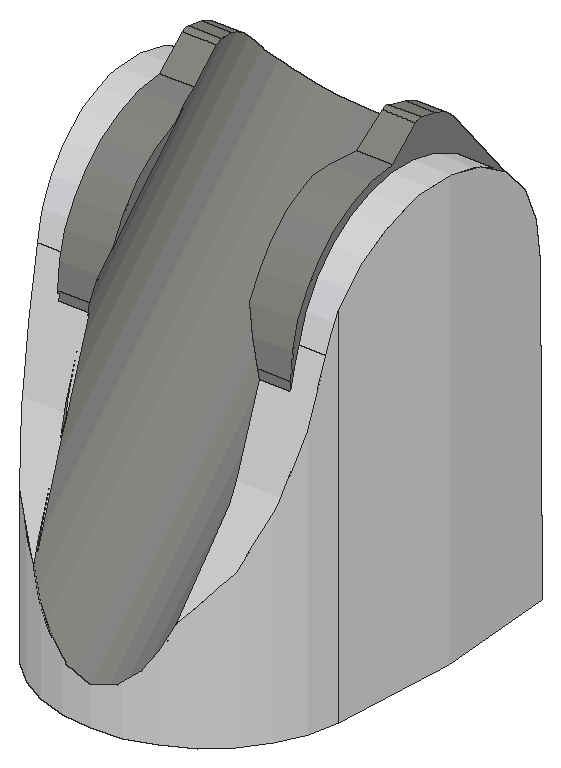
Revit family "Accessory-Handshower_Holder-KOHLER-K-9040BR_1", category Specialty Equipment, host Face, Revit 2017
Family settings
  Host = Face
  Round Connector Dimension = Use Diameter
  Part Type = Normal
  OmniClass Number = 23.31.25.00
  OmniClass Title = Toilet and Bath Specialties
  Cut with Voids When Loaded = No
  Shared = No
  Room Calculation Point = No
Parameters (values of type "CP-Polished Chrome")
  Width = 1 155/256"  # constant formula
  WaterSense Certified = 1 = 0  # no
  URL = "https://br.kohler.com/"
  Type = 1
  Product Page URL = "https://br.kohler.com/product-detail/9040br?skuid=K-9040BR-CP"
  Product Name = ""
  Product Documentation Link = ""
  Model = if(Type = 1, "K-9040BR-CP", if(Type = 2, "K-9040BR-RGD", "NA"))  # "K-9040BR-CP"
  Material = "Plastic"  # constant formula
  Master Format 2014 Name = "Toilet, Bath, and Laundry Accessories"  # constant formula
  Master Format 2014 = "10 28 00"  # constant formula
  Manufacturer Address = "Rio de Janeiro MULTIREPAROS RUA BATISTA DA COSTA, Nº 352 | STORE B Rio de Janeiro  SÃO GONÇALO 24450-470"  # constant formula
  Manufacturer = "KOHLER Co."  # constant formula
  Length = 2 3/64"  # constant formula
  Height = 2 55/128"  # constant formula
  Finish = Kohler-Plastic-CP-Polished_Chrome
  Environmental Product Declaration = ""
  Description = "Adjustable for manual shower"  # constant formula
  Default Elevation = 42"
  Declare Label = ""
  Date Modified = "09/06/2021"  # constant formula
  Date Created = "09/06/2021"  # constant formula
  Copyright = "Copyright KOHLER Co."  # constant formula
  Contact Us = "https://br.kohler.com/asr-listing"
  Assembly Code = "C1030200"
  ADA Compliant = 1 = 0  # no
Types (3): name | Type | Model | Finish
  (no name) | 1 | "K-9040BR-CP" | Kohler-Plastic-CP-Polished_Chrome
  CP-Polished Chrome | 1 | "K-9040BR-CP" | Kohler-Plastic-CP-Polished_Chrome
  RGD-Polished Rose Gold | 2 | "K-9040BR-RGD" | Kohler-Plastic-RGD-Rose_Gold
Reference planes (in)
  plane 1 "Center (Front/Back)": y = 0
  plane 2: z = 0
  plane 3 "Center (Left/Right)": x = 0
  plane 4: x = -0.80315
  plane 5: x = 0.80232
  plane 6: y = 1.02362
  plane 7: y = -1.02325
  plane 8: z = 2.42969
  plane 9: z = 2.28346
Dimensions and locks (in)
  level to plane 8 = 2 55/128"
  "Height": level to plane 8
  "Width": plane 4 to plane 5
  "Length": plane 6 to plane 7
  aligned and locked: plane 2 to host face
  aligned and locked: level to host face
  aligned and locked: plane 3 "Center (Left/Right)" to nested 1
Automatic sketch dimensions
  host sketch curve to host sketch curve = 96"  (x2)
Nested families (in)
  nested 1: "K-9040BR" at (0, 1.02362, 0), type "K-9040BR"
Definition of nested family "K-9040BR"
  Parameters (values of type "K-9040BR")
    Material = none
  Reference planes (in)
    plane 1 "Center (Front/Back)": y = 0
    plane 2: z = 0
    plane 3 "Center (Left/Right)": x = 0
    plane 4: y = -2.04724
    plane 5: z = 2.28346
    plane 6: x = -0.80315
    plane 7: x = 0.80315
    plane 8 "Cut 1": through (0, 0, 2.28346) normal (0, -0.7071, 0.7071)
    plane 9 "Cut": through (0, 0, 2.28346) normal (0, 0.7071, 0.7071)
    plane 10: y = -1.02362
    plane 11: z = 2.43117
  Forms (in)
    Extrusion 1, solid, material <- "Material", detail levels medium+fine
      sketch origin (0, 0, 0) x (0, 1, 0) y (0, 0, 1)
        loop
          line (-0.06198, 0) -> (-0.0758, 1.58349)
          arc (-0.0758, 1.58349) -> (-0.6899, 2.25983) -> (-1.43163, 1.72655) r 0.68612
          arc (-1.43163, 1.72655) -> (-1.66072, 1.04572) -> (-2.02746, 0.42806) r 3.40733
          arc (-2.02746, 0.42806) -> (-2.04217, 0.39988) -> (-2.04724, 0.3685) r 0.09954
          line (-2.04724, 0.3685) -> (-2.04724, 0) -> (-0.06198, 0)
      from -1.59589 to 1.60181
    Extrusion 2, void
      sketch origin (0, 1.14173, 1.14173) x (0, 0.707107, -0.707107) y (-1, 0, 0)
        loop
          line (-0.97114, -0.60236) -> (-2.52206, -0.60236) -> (-2.52206, -1.78346) -> (-0.55355, -1.78346) -> (-0.55355, 1.16929) -> (-2.81275, 1.16929) -> (-2.81275, 0.60236) -> (-0.9703, 0.60236)
          arc (-0.9703, 0.60236) -> (-0.954, 0.59561) -> (-0.94725, 0.57932) r 0.02305
          line (-0.94725, 0.57932) -> (-0.94725, -0.57848)
          arc (-0.94725, -0.57848) -> (-0.95425, -0.59537) -> (-0.97114, -0.60236) r 0.02388
      from -3.20829 to 9.84252
    Extrusion 3, solid, material <- "Material", detail levels medium+fine
      sketch origin (0, 0, 0) x (0, 1, 0) y (0, 0, 1)
        loop
          circle (-0.76492, 1.57818) r 0.71784
      from -0.61024 to 0.61024
    Extrusion 4, void
      sketch origin (0, 0, 0) x (1, 0, 0) y (0, 1, 0)
        loop
          arc (-0.75855, -0.01346) -> (-0.80316, -0.68762) -> (-0.75726, -1.3617) r 5.04341
          arc (-0.75726, -1.3617) -> (0, -2.02304) -> (0.75726, -1.3617) r 0.76421
          arc (0.75726, -1.3617) -> (0.80316, -0.68762) -> (0.75855, -0.01346) r 5.04341
          line (0.75855, -0.01346) -> (-0.75855, -0.01346)
        loop
          line (-2.869, 1.25047) -> (-2.869, -3.67079) -> (3.03651, -3.67079) -> (3.03651, 1.25047) -> (-2.869, 1.25047)
      from 0 to 9.84252
    Extrusion 5, solid, material <- "Material", detail levels medium+fine
      sketch origin (0, 0, 0) x (0, 1, 0) y (0, 0, 1)
        loop
          line (-0.00613, 1.83235) -> (-0.42948, 2.34241)
          arc (-0.42948, 2.34241) -> (-0.48229, 2.38791) -> (-0.54709, 2.41362) r 0.20996
          arc (-0.54709, 2.41362) -> (-0.59028, 2.42246) -> (-0.63362, 2.4305) r 2.4086
          arc (-0.63362, 2.4305) -> (-0.6528, 2.42968) -> (-0.66986, 2.42089) r 0.04462
          line (-0.66986, 2.42089) -> (-0.82314, 2.29366)
          arc (-0.82314, 2.29366) -> (-0.34333, 2.15918) -> (-0.06667, 1.74472) r 0.71784
          line (-0.06667, 1.74472) -> (-0.0099, 1.79184)
          arc (-0.0099, 1.79184) -> (0.00037, 1.81131) -> (-0.00613, 1.83235) r 0.02877
      from -0.60236 to 0.60236
    Extrusion 6, void
      sketch origin (0, 1.00254, 1.28093) x (0, 0.707107, -0.707107) y (-1, 0, 0)
        loop
          line (-3.55587, -0.35433) -> (-2.11657, -0.35433)
          arc (-2.11657, -0.35433) -> (-1.37693, 0) -> (-2.11657, 0.35433) r 0.45469
          line (-2.11657, 0.35433) -> (-3.55587, 0.35433) -> (-3.55587, -0.35433)
      from -3.44553 to 9.84252
    Extrusion 7, solid, material <- "Material", detail levels coarse
      sketch origin (0, 0, 0) x (1, 0, 0) y (0, 1, 0)
        loop
          line (-0.80315, 0) -> (-0.80315, -2.04724) -> (0.80315, -2.04724) -> (0.80315, 0) -> (-0.80315, 0)
      from 0 to 2.28346
  Cuts and joins
    Extrusion 4, Extrusion 6 cuts Extrusion 1
    Extrusion 2, Extrusion 6 cuts Extrusion 3
    Extrusion 6 cuts Extrusion 5
    joined: Extrusion 1, Extrusion 3, Extrusion 5
    Extrusion 6 cuts Extrusion 7
  Lines and regions (in)
    Masking region 1
      outline origin (0, 0, 0) x (0, 1, 0) y (0, 0, 1)
        loop
          arc (-1.48122, 1.53116) -> (-1.66649, 1.03322) -> (-1.92692, 0.57013) r 3.40733
          line (-1.92692, 0.57013) -> (-2.04724, 0.1998) -> (-2.04724, 0) -> (-0.06198, 0) -> (-0.07405, 1.38326)
          arc (-0.07405, 1.38326) -> (-0.04723, 1.56352) -> (-0.06667, 1.74472) r 0.71784
          line (-0.06667, 1.74472) -> (-0.0099, 1.79184)
          arc (-0.0099, 1.79184) -> (0.00037, 1.81131) -> (-0.00613, 1.83235) r 0.02877
          line (-0.00613, 1.83235) -> (-0.42948, 2.34241)
          arc (-0.42948, 2.34241) -> (-0.48229, 2.38791) -> (-0.54709, 2.41362) r 0.20996
          arc (-0.54709, 2.41362) -> (-0.59028, 2.42246) -> (-0.63362, 2.4305) r 2.4086
          arc (-0.63362, 2.4305) -> (-0.6528, 2.42968) -> (-0.66986, 2.42089) r 0.04462
          line (-0.66986, 2.42089) -> (-0.82314, 2.29366)
          arc (-0.82314, 2.29366) -> (-1.30836, 2.0472) -> (-1.48122, 1.53116) r 0.71784
    Masking region 2
      outline origin (0, 0, 0) x (1, 0, 0) y (0, 0, 1)
        loop
          line (-0.80315, 0) -> (0.80315, 0) -> (0.80315, 2.28346) -> (0.60236, 2.28346) -> (0.60236, 2.43117) -> (0.42727, 2.43117)
          spline (0.42727, 2.43117) -> (0.42666, 2.41971) -> (0.42604, 2.40825) -> (0.42542, 2.39679) -> (0.42479, 2.38533) -> (0.42415, 2.37387) -> (0.42351, 2.36241) -> (0.42286, 2.35095) -> (0.4222, 2.3395) -> (0.42153, 2.32804) -> (0.42085, 2.31658) -> (0.42017, 2.30512) -> (0.41948, 2.29366)
          arc (0.41948, 2.29366) -> (0.38387, 2.27495) -> (0.35433, 2.24763) r 0.15363
          line (0.35433, 2.24763) -> (0.35433, 2.17488)
          spline (0.35433, 2.17488) -> (0.30817, 2.1368) -> (0.25517, 2.10441) -> (0.19651, 2.07845) -> (0.13348, 2.05948) -> (0.06749, 2.04793) -> (0, 2.04405) -> (-0.06749, 2.04793) -> (-0.13348, 2.05948) -> (-0.19651, 2.07845) -> (-0.25517, 2.10441) -> (-0.30817, 2.1368) -> (-0.35433, 2.17488)
          line (-0.35433, 2.17488) -> (-0.35433, 2.24763)
          arc (-0.35433, 2.24763) -> (-0.38387, 2.27495) -> (-0.41948, 2.29366) r 0.15363
          spline (-0.41948, 2.29366) -> (-0.42017, 2.30512) -> (-0.42085, 2.31658) -> (-0.42153, 2.32804) -> (-0.4222, 2.3395) -> (-0.42286, 2.35095) -> (-0.42351, 2.36241) -> (-0.42415, 2.37387) -> (-0.42479, 2.38533) -> (-0.42542, 2.39679) -> (-0.42604, 2.40825) -> (-0.42666, 2.41971) -> (-0.42727, 2.43117)
          line (-0.42727, 2.43117) -> (-0.60236, 2.43117) -> (-0.60236, 2.28346) -> (-0.80315, 2.28346) -> (-0.80315, 0)
    Masking region 3
      outline origin (0, 0, 0) x (1, 0, 0) y (0, 1, 0)
        loop
          arc (-0.75249, -1.39594) -> (0, -2.04858) -> (0.75249, -1.39594) r 0.76012
          arc (0.75249, -1.39594) -> (0.80294, -0.72937) -> (0.7648, -0.06198) r 5.04341
          line (0.7648, -0.06198) -> (0.60236, -0.06198) -> (0.60236, 0) -> (-0.60236, 0) -> (-0.60236, -0.06198) -> (-0.7648, -0.06198)
          arc (-0.7648, -0.06198) -> (-0.80294, -0.72937) -> (-0.75249, -1.39594) r 5.04341
    symbolic lines, detail levels medium+fine
      curve 1: arc (0, -0.82314, 2.29366) -> (0, -0.34333, 2.15918) -> (0, -0.06667, 1.74472) r 0.71784
      curve 2: line (-0.7648, 0, 0) -> (-0.7665, 0, 1.58349)
      curve 3: line (0.7665, 0, 1.58349) -> (0.7648, 0, 0)
      curve 4: line (-0.60236, 0, 1.74472) -> (0.60236, 0, 1.74472)
      curve 5: line (0.60236, 0, 1.74472) -> (0.60236, 0, 2.43117)
      curve 6: line (-0.60236, 0, 2.43117) -> (-0.60236, 0, 1.74472)
      curve 7: spline (-0.44888, 0, 2.34012) -> (-0.42016, 0, 2.26077) -> (-0.3681, 0, 2.18879) -> (-0.29561, 0, 2.12819) -> (-0.20669, 0, 2.08233) -> (-0.1063, 0, 2.05375) -> (0, 0, 2.04405) -> (0.1063, 0, 2.05375) -> (0.20669, 0, 2.08233) -> (0.29561, 0, 2.12819) -> (0.3681, 0, 2.18879) -> (0.42016, 0, 2.26077) -> (0.44888, 0, 2.34012)
      curve 8: spline (0.44905, 0, 2.34008) -> (0.45075, 0, 2.34903) -> (0.45217, 0, 2.35756) -> (0.4533, 0, 2.36563) -> (0.45413, 0, 2.37322) -> (0.45467, 0, 2.38029) -> (0.45491, 0, 2.38683) -> (0.45485, 0, 2.39279) -> (0.45449, 0, 2.39818) -> (0.45383, 0, 2.40295) -> (0.45288, 0, 2.4071) -> (0.45164, 0, 2.41061) -> (0.45011, 0, 2.41346)
      curve 9: spline (0.45011, 0, 2.41346) -> (0.44916, 0, 2.41502) -> (0.44813, 0, 2.41655) -> (0.44701, 0, 2.41806) -> (0.44581, 0, 2.41955) -> (0.44452, 0, 2.42101) -> (0.44315, 0, 2.42244) -> (0.4417, 0, 2.42385) -> (0.44016, 0, 2.42523) -> (0.43854, 0, 2.42659) -> (0.43684, 0, 2.42792) -> (0.43505, 0, 2.42922) -> (0.43318, 0, 2.4305)
      curve 10: spline (-0.44905, 0, 2.34008) -> (-0.45075, 0, 2.34903) -> (-0.45217, 0, 2.35756) -> (-0.4533, 0, 2.36563) -> (-0.45413, 0, 2.37322) -> (-0.45467, 0, 2.38029) -> (-0.45491, 0, 2.38683) -> (-0.45485, 0, 2.39279) -> (-0.45449, 0, 2.39818) -> (-0.45383, 0, 2.40295) -> (-0.45288, 0, 2.4071) -> (-0.45164, 0, 2.41061) -> (-0.45011, 0, 2.41346)
      curve 11: spline (-0.45011, 0, 2.41346) -> (-0.44916, 0, 2.41502) -> (-0.44813, 0, 2.41655) -> (-0.44701, 0, 2.41806) -> (-0.44581, 0, 2.41955) -> (-0.44452, 0, 2.42101) -> (-0.44315, 0, 2.42244) -> (-0.4417, 0, 2.42385) -> (-0.44016, 0, 2.42523) -> (-0.43854, 0, 2.42659) -> (-0.43684, 0, 2.42792) -> (-0.43505, 0, 2.42922) -> (-0.43318, 0, 2.4305)
      curve 12: arc (-0.7665, 0, 1.58349) -> (-0.77585, 0, 1.93395) -> (-0.80315, 0, 2.28346) r 6.84231
      curve 13: arc (0.80315, 0, 2.28346) -> (0.77585, 0, 1.93395) -> (0.7665, 0, 1.58349) r 6.84231
      curve 14: line (0.41948, 0, 2.29366) -> (0.44299, 0, 2.31717)
      curve 15: line (-0.41948, 0, 2.29366) -> (-0.44299, 0, 2.31717)
      curve 16: line (-0.60236, -1.48277, 0) -> (-0.60236, -0.04708, 0)
      curve 17: line (0.60236, -0.04708, 0) -> (0.60236, -1.48277, 0)
      curve 18: line (0.35433, -1.43437, 0) -> (0.35433, -1.02403, 0)
      curve 19: spline (0.35433, -1.43437, 0) -> (0.36196, -1.44194, 0) -> (0.36943, -1.44889, 0) -> (0.37674, -1.45521, 0) -> (0.38387, -1.46088, 0) -> (0.39082, -1.46591, 0) -> (0.39758, -1.47029, 0) -> (0.40415, -1.47402, 0) -> (0.41052, -1.47709, 0) -> (0.41669, -1.47951, 0) -> (0.42264, -1.48126, 0) -> (0.42838, -1.48234, 0) -> (0.43389, -1.48277, 0)
      curve 20: spline (-0.44639, -0.41829, 0) -> (-0.41533, -0.35449, 0) -> (-0.36225, -0.29693, 0) -> (-0.28996, -0.24865, 0) -> (-0.2023, -0.2122, 0) -> (-0.1039, -0.18954, 0) -> (0, -0.18184, 0) -> (0.1039, -0.18954, 0) -> (0.2023, -0.2122, 0) -> (0.28996, -0.24865, 0) -> (0.36225, -0.29693, 0) -> (0.41533, -0.35449, 0) -> (0.44639, -0.41829, 0)
      curve 21: spline (0.44639, -0.41829, 0) -> (0.44988, -0.43105, 0) -> (0.45248, -0.44553, 0) -> (0.45416, -0.46155, 0) -> (0.45489, -0.47892, 0) -> (0.45467, -0.49743, 0) -> (0.45349, -0.51685, 0) -> (0.45139, -0.53697, 0) -> (0.44837, -0.55753, 0) -> (0.44447, -0.57829, 0) -> (0.43975, -0.599, 0) -> (0.43425, -0.61942, 0) -> (0.42805, -0.6393, 0)
      curve 22: spline (0.42805, -0.6393, 0) -> (0.42738, -0.65494, 0) -> (0.42669, -0.67057, 0) -> (0.42599, -0.68621, 0) -> (0.42529, -0.70184, 0) -> (0.42457, -0.71747, 0) -> (0.42385, -0.7331, 0) -> (0.42311, -0.74874, 0) -> (0.42237, -0.76437, 0) -> (0.42161, -0.78, 0) -> (0.42085, -0.79563, 0) -> (0.42007, -0.81126, 0) -> (0.41929, -0.82689, 0)
      curve 23: line (0.60236, -1.48277, 0) -> (0.43389, -1.48277, 0)
      curve 24: line (0.43389, -1.48277, 0) -> (0.36252, -1.95656, 0)
      curve 25: line (0.35433, -1.02403, 0) -> (0.41929, -0.82689, 0)
      curve 26: line (-0.35433, -1.43437, 0) -> (-0.35433, -1.02403, 0)
      curve 27: spline (-0.35433, -1.43437, 0) -> (-0.36196, -1.44194, 0) -> (-0.36943, -1.44889, 0) -> (-0.37674, -1.45521, 0) -> (-0.38387, -1.46088, 0) -> (-0.39082, -1.46591, 0) -> (-0.39758, -1.47029, 0) -> (-0.40415, -1.47402, 0) -> (-0.41052, -1.47709, 0) -> (-0.41669, -1.47951, 0) -> (-0.42264, -1.48126, 0) -> (-0.42838, -1.48234, 0) -> (-0.43389, -1.48277, 0)
      curve 28: spline (-0.44639, -0.41829, 0) -> (-0.44988, -0.43105, 0) -> (-0.45248, -0.44553, 0) -> (-0.45416, -0.46155, 0) -> (-0.45489, -0.47892, 0) -> (-0.45467, -0.49743, 0) -> (-0.45349, -0.51685, 0) -> (-0.45139, -0.53697, 0) -> (-0.44837, -0.55753, 0) -> (-0.44447, -0.57829, 0) -> (-0.43975, -0.599, 0) -> (-0.43425, -0.61942, 0) -> (-0.42805, -0.6393, 0)
      curve 29: spline (-0.42805, -0.6393, 0) -> (-0.42738, -0.65494, 0) -> (-0.42669, -0.67057, 0) -> (-0.42599, -0.68621, 0) -> (-0.42529, -0.70184, 0) -> (-0.42457, -0.71747, 0) -> (-0.42385, -0.7331, 0) -> (-0.42311, -0.74874, 0) -> (-0.42237, -0.76437, 0) -> (-0.42161, -0.78, 0) -> (-0.42085, -0.79563, 0) -> (-0.42007, -0.81126, 0) -> (-0.41929, -0.82689, 0)
      curve 30: line (-0.60236, -1.48277, 0) -> (-0.43389, -1.48277, 0)
      curve 31: line (-0.35433, -1.02403, 0) -> (-0.41929, -0.82689, 0)
      curve 32: line (-0.43389, -1.48277, 0) -> (-0.36252, -1.95656, 0)
  Dimensions and locks (in)
    plane 1 "Center (Front/Back)" to plane 4 = 2.04724"
    plane 5 to level = 2.28346"
    plane 3 "Center (Left/Right)" to plane 6 = 0.80315"
    plane 1 "Center (Front/Back)" to plane 10 = 1.02362"
    aligned and locked: plane 2 to level
